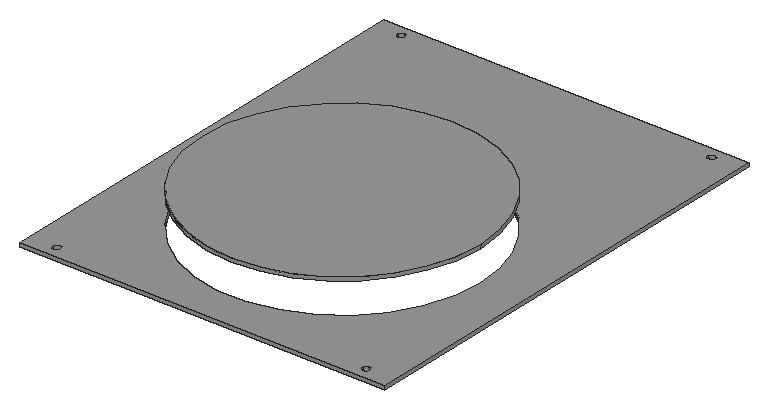
Revit family "Montagedeckel - OKA D 500 R9-AA", category Generic Models, Revit 2017
Family settings
  Can host rebar = No
  Round Connector Dimension = Use Diameter
  Part Type = Normal
  Work Plane-Based = No
  Always vertical = Yes
  Cut with Voids When Loaded = No
  Shared = No
  Room Calculation Point = No
Parameters (values of type "OKA D 500 R9")
  Width = 400 mm
  URL = "http://www.obo-bettermann.com"
  Material = Strip-galvanised
  Manufacturer Art.No. = "7425122"
  Manufacturer = "Obo-Bettermann"
  Length = 500 mm
  Height = 4 mm
  GTIN = "4012195245483"
  Article Type = "OKA D 500 R9"
Reference planes
  plane 1 "Center (Front/Back)": y = 0
  plane 2: z = 0
  plane 3 "Center (Left/Right)": x = 0
  plane 4: y = 192
  plane 5: x = 170
  plane 6: y = 487.2
  plane 7: x = -170
  plane 8: y = 487.2
  plane 9: x = -170
  plane 10: x = 170
  plane 11: x = -170
  plane 12: y = 12.8
  plane 13: y = 500
Forms (mm)
  Extrusion 1, solid, material "Strip-galvanised" <- "Material"
    sketch origin (0, 0, 0) x (1, 0, 0) y (0, 1, 0)
      loop
        line (-200, 0) -> (200, 0) -> (200, 500) -> (-200, 500) -> (-200, 0)
    from 0 to 4
  Extrusion 2, void
    sketch origin (0, 0, 0) x (1, 0, 0) y (0, 1, 0)
      loop
        circle (-170, 12.8) r 4
      loop
        circle (170, 12.8) r 4
      loop
        circle (170, 487.2) r 4
      loop
        circle (-171.234, 487.2) r 4
    from 4 to 0
  Extrusion 3, void
    sketch origin (0, 0, 0) x (1, 0, 0) y (0, 1, 0)
      loop
        circle (0, 192) r 152.5
    from 0 to 4
  Extrusion 4, solid, material "Strip-galvanised" <- "Material"
    sketch origin (0, 0, 0) x (1, 0, 0) y (0, 1, 0)
      loop
        circle (0, 192) r 152.5
    from 38.132 to 42.132
Cuts and joins
  Extrusion 2, Extrusion 3 cuts Extrusion 1
Dimensions and locks
  "Width": Extrusion 1 sketch curve to Extrusion 1 sketch curve
  Extrusion 1 sketch curve to Extrusion 1 sketch curve = 500 mm
  locked: Extrusion 1 sketch curve to plane 3 "Center (Left/Right)" at 200
  "Height": Extrusion 1 to Extrusion 1
  locked: Extrusion 1 to plane 4 at 192
  cut or joined group of Extrusion 1, Extrusion 2, Extrusion 3 to plane 8 = 12.8 mm
  cut or joined group of Extrusion 1, Extrusion 2, Extrusion 3 to plane 6 = 12.8 mm
  locked: cut or joined group of Extrusion 1, Extrusion 2, Extrusion 3 to plane 7 at 30
  locked: plane 5 to cut or joined group of Extrusion 1, Extrusion 2, Extrusion 3 at 30
  locked: cut or joined group of Extrusion 1, Extrusion 2, Extrusion 3 to plane 12 at 12.8
  locked: plane 10 to cut or joined group of Extrusion 1, Extrusion 2, Extrusion 3 at 30
  locked: cut or joined group of Extrusion 1, Extrusion 2, Extrusion 3 to plane 11 at 30
  "Height": Extrusion 4 to Extrusion 4
  "Length": plane 1 "Center (Front/Back)" to plane 13
  locked: cut or joined group of Extrusion 1, Extrusion 2, Extrusion 3 to Extrusion 4 at 39.5
  locked: cut or joined group of Extrusion 1, Extrusion 2, Extrusion 3 to Extrusion 4 at 47.5
  "Length": cut or joined group of Extrusion 1, Extrusion 2, Extrusion 3 to cut or joined group of Extrusion 1, Extrusion 2, Extrusion 3
  diameter of Extrusion 3 sketch curve = 305 mm
  diameter of cut or joined group of Extrusion 1, Extrusion 2, Extrusion 3 = 305 mm
  aligned and locked: level to plane 2
  aligned and locked: Extrusion 1 to level
  aligned and locked: plane 1 "Center (Front/Back)" to Extrusion 1
  aligned and locked: Extrusion 1 to Extrusion 2  (x2)
  aligned and locked: Extrusion 1 to Extrusion 3
Automatic sketch dimensions
  Extrusion 2 sketch curve to plane 6 = 0 mm  (x2)
  Extrusion 2 sketch curve to plane 7 = 0 mm
  Extrusion 2 sketch curve to plane 5 = 0 mm  (x2)
  Extrusion 2 sketch curve to plane 12 = 0 mm  (x2)
  Extrusion 2 sketch curve to plane 7 = 1.234 mm
  Extrusion 3 sketch curve to plane 3 "Center (Left/Right)" = 0 mm
  Extrusion 3 sketch curve to plane 4 = 0 mm
  Extrusion 4 sketch curve to plane 3 "Center (Left/Right)" = 0 mm
  Extrusion 4 sketch curve to plane 4 = 0 mm
  Extrusion 1 sketch curve to plane 1 "Center (Front/Back)" = 0 mm
  radius of Extrusion 2 sketch curve = 4 mm  (x4)
  radius of Extrusion 4 sketch curve = 152.5 mm
